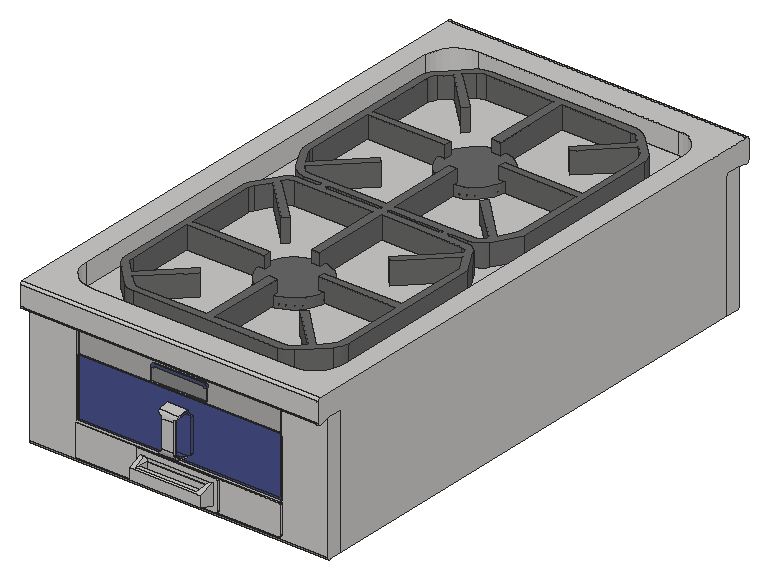
Revit family "QF_ELECTROLUXPROFESSIONAL_589081_MCGDACEOPI", category Specialty Equipment, Revit 2018 (continued)
Definition of nested family "EG_900_500_Single Range Control Handle Back Panel"
  Definition of nested family "Range Control Handle"
    Lines and regions (mm)
      symbolic lines
        curve 6: spline (-10.213, -20.609, 0) -> (-10.691, -20.537, 0) -> (-11.169, -20.458, 0) -> (-11.646, -20.37, 0) -> (-12.122, -20.274, 0) -> (-12.597, -20.171, 0) -> (-13.07, -20.059, 0) -> (-13.542, -19.94, 0) -> (-14.013, -19.813, 0) -> (-14.483, -19.678, 0) -> (-14.951, -19.536, 0) -> (-15.417, -19.385, 0) -> (-15.881, -19.227, 0)
        curve 7: line (-15.881, -19.227, 0) -> (-15.881, -16.9, 0)
  Definition of nested family "glass conrol panel"
    Reference planes
      plane 1 "Center (Front/Back)": y = 0
      plane 2: z = 0
      plane 3 "Center (Left/Right)": x = 0
    Forms (mm)
      Extrusion 1, solid
        sketch origin (378.286, 0, 0.617) x (1, 0, 0) y (0, 0, 1)
          loop
            line (-550.286, 806.791) -> (-550.286, 708.497) -> (-206.286, 708.497) -> (-206.286, 806.791) -> (-550.286, 806.791)
        from 300.031 to 304.8
      Extrusion 2, solid
        sketch origin (378.286, 0, 0.617) x (1, 0, 0) y (0, 0, 1)
          loop
            line (-550.286, 850.497) -> (-550.286, 806.791) -> (-206.286, 806.791) -> (-206.286, 850.497) -> (-550.286, 850.497)
        from 300.031 to 304.8
      Extrusion 3, void
        sketch origin (378.286, 0, 0.617) x (1, 0, 0) y (0, 0, 1)
          loop
            line (-547.628, 847.565) -> (-547.628, 710.699) -> (-209.196, 710.699) -> (-209.196, 847.565) -> (-547.628, 847.565)
        from 303.697 to 304.8
      Extrusion 4, solid
        sketch origin (-308.309, 1.101, -0.633) x (-1, 0, 0) y (0, 0, -1)
          loop
            line (-261.431, -812.62) -> (-355.186, -812.62) -> (-355.186, -834.177) -> (-350.269, -834.177) -> (-348.469, -835.977) -> (-268.039, -835.977) -> (-266.24, -834.177) -> (-261.431, -834.177) -> (-261.431, -812.62)
        from 304.798 to 306.745
      Extrusion 5, solid
        sketch origin (-308.309, 1.101, -0.633) x (-1, 0, 0) y (0, 0, -1)
          loop
            line (-350.269, -834.177) -> (-355.078, -834.177)
            arc (-355.078, -834.177) -> (-353.942, -838.747) -> (-349.686, -840.763) r 5.5
            line (-349.686, -840.763) -> (-266.98, -840.763)
            arc (-266.98, -840.763) -> (-262.706, -838.752) -> (-261.529, -834.177) r 5.549
            line (-261.529, -834.177) -> (-266.24, -834.177) -> (-268.039, -835.977) -> (-348.469, -835.977) -> (-350.269, -834.177)
        from 304.798 to 306.745
    Cuts and joins
      Extrusion 3 cuts Extrusion 1
      Extrusion 3 cuts Extrusion 2
    Dimensions and locks
      aligned and locked: Extrusion 1 to Extrusion 2
      aligned and locked: Extrusion 5 sketch curve to Extrusion 4  (x5)
      aligned and locked: Extrusion 5 to Extrusion 4
